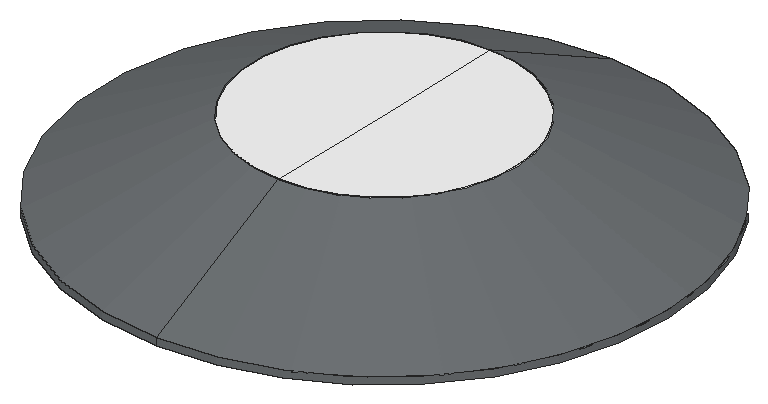
Revit family "Thorn CESAR BOW", category Lighting Fixtures, Revit 2023
Family settings
  Round Connector Dimension = Use Diameter
  Part Type = Normal
  Work Plane-Based = No
  Always vertical = No
  Cut with Voids When Loaded = Yes
  Light Source = Yes
  Maintain Annotation Orientation = No
  Shared = No
  Room Calculation Point = Yes
Parameters (values of type "CESAR BOW S 4L 927 NB RD ANT")
  Wattage = 8.19318 W
  built-in parameter 1150110 = 1 (stored number, unit not read)
  URL = "https://www.thornlighting.com/96800712"
  Type Image = TLG_CESA_F_BOW_S_ANT.jpg
  Type IFC Predefined Type = "DIRECTIONSOURCE"
  built-in parameter 1114217 = 1 (stored number, unit not read)
  Tilt Angle = 90.00°  # constant formula
  built-in parameter 1150109 = 1 (stored number, unit not read)
  built-in parameter 1150134 = (empty or 0)
  built-in parameter 1150113 = 1 (stored number, unit not read)
  Size Small = yes
  Size Medium = no
  SELECT LIGHT DISTRIBUTION = "SELECT LIGHT DISTRIBUTION"  # constant formula
  SELECT HOUSING = "SELECT HOUSING"  # constant formula
  SELECT ACCESSORIES = "SELECT ACCESSORIES"  # constant formula
  Product ID = ""
  Power Factor = 0.97
  Photometric Web File = "96800712_(STD).IES"
  Model = "96800712"
  Material Housing = Thorn-Aluminium-RAL 7016-Anthracite Grey
  Manufacturer = "Thorn Lighting"  # constant formula
  built-in parameter 1150105 = 57.375 (stored number, unit not read)
  Lumens = 721 lm
  Luminaire Width = Luminaire Radius  # 200 mm
  Luminaire Radius = if(Size Small, 200 mm, if(Size Medium, 260 mm, 200 mm))  # 200 mm
  Luminaire Length = Luminaire Radius  # 200 mm
  Luminaire Height = if(Size Small, 29 mm, if(Size Medium, 31 mm, 29 mm))  # 29 mm
  built-in parameter 1150115 = 1 (stored number, unit not read)
  Luminaire Diameter = Luminaire Radius / 2  # 100 mm
  built-in parameter 1150137 = (empty or 0)
  built-in parameter 1150139 = (empty or 0)
  built-in parameter 1150112 = 1 (stored number, unit not read)
  built-in parameter 1150114 = 1 (stored number, unit not read)
  Lamp = "LED"  # constant formula
  Inner Circle Radius = if(Size Small, 93 mm, if(Size Medium, 138 mm, 93 mm))  # 93 mm
  Inner Circle Diameter = Inner Circle Radius / 2  # 46.5 mm
  built-in parameter 1150132 = 2
  built-in parameter 1150102 = (empty or 0)
  built-in parameter 1150107 = 2700 (stored number, unit not read)
  built-in parameter 1150138 = (empty or 0)
  built-in parameter 1150106 = 0.57375 (stored number, unit not read)
  H = if(Ground Spike, 91 mm, 0 mm)  # 0 mm
  Ground Spike = no
  Export Type to IFC As = "IfcLightFixtureType"
  built-in parameter 1150104 = 8.1755 (stored number, unit not read)
  Dimming Lamp Color Temperature Shift = <None>
  Description = "Ground Surface Mounted Luminaire"  # constant formula
  Default Elevation = 0 mm  # constant formula
  Color Filter = 16777215
  Beam Wide = no
  Beam Narrow = yes
  Beam Medium = no
  Beam Assymetric = no
  built-in parameter 1114218 = 1 (stored number, unit not read)
  built-in parameter 1150133 = 10 (stored number, unit not read)
  Assembly Code = "Pr_70_70_48_62"
  Apparent Load = Wattage / Power Factor  # 8.45361 VA
Types (96, lengths in mm): name | Wattage | URL | Type Image | Size Small | Size Medium | Photometric Web File | Model | Material Housing | built-in parameter 1150105 | Lumens | Luminaire Width | Luminaire Radius | Luminaire Length | Luminaire Height | Luminaire Diameter | Inner Circle Radius | Inner Circle Diameter | built-in parameter 1150107 | built-in parameter 1150106 | built-in parameter 1150104 | Beam Wide | Beam Narrow | Beam Medium | Beam Assymetric | Apparent Load
  CESAR BOW S 4L 927 NB RD ANT | 8.19318 W | "https://www.thornlighting.com/96800712" | TLG_CESA_F_BOW_S_ANT.jpg | yes | no | "96800712_(STD).IES" | "96800712" | Thorn-Aluminium-RAL 7016-Anthracite Grey | 57.375 (stored number, unit not read) | 721 lm | 200 | 200 | 200 | 29 | 100 | 93 | 46.5 | 2700 (stored number, unit not read) | 0.57375 (stored number, unit not read) | 8.1755 (stored number, unit not read) | no | yes | no | no | 8.45361 VA
  CESAR BOW S 4L 927 NB RD BK | 8.19318 W | "https://www.thornlighting.com/96800710" | TLG_CESA_F_BOW_S_BK.jpg | yes | no | "96800710_(STD).IES" | "96800710" | Thorn-Aluminium-RAL 9005-Jet Black | 57.375 (stored number, unit not read) | 721 lm | 200 | 200 | 200 | 29 | 100 | 93 | 46.5 | 2700 (stored number, unit not read) | 0.57375 (stored number, unit not read) | 8.1755 (stored number, unit not read) | no | yes | no | no | 8.45361 VA
  CESAR BOW S 4L 927 NB RD GY | 8.19318 W | "https://www.thornlighting.com/96800711" | TLG_CESA_F_BOW_S_GY.jpg | yes | no | "96800711_(STD).IES" | "96800711" | Thorn-Aluminium-RAL 9006-White Aluminium | 57.375 (stored number, unit not read) | 721 lm | 200 | 200 | 200 | 29 | 100 | 93 | 46.5 | 2700 (stored number, unit not read) | 0.57375 (stored number, unit not read) | 8.1755 (stored number, unit not read) | no | yes | no | no | 8.45361 VA
  CESAR BOW S 4L 927 NB RD WH | 8.19318 W | "https://www.thornlighting.com/96800709" | TLG_CESA_F_BOW_S_WH.jpg | yes | no | "96800709_(STD).IES" | "96800709" | Thorn-Aluminium-RAL 9016-Traffic White | 57.375 (stored number, unit not read) | 721 lm | 200 | 200 | 200 | 29 | 100 | 93 | 46.5 | 2700 (stored number, unit not read) | 0.57375 (stored number, unit not read) | 8.1755 (stored number, unit not read) | no | yes | no | no | 8.45361 VA
  CESAR BOW S 4L 930 NB RD ANT | 8.19792 W | "https://www.thornlighting.com/96800720" | TLG_CESA_F_BOW_S_ANT.jpg | yes | no | "96800720_(STD).IES" | "96800720" | Thorn-Aluminium-RAL 7016-Anthracite Grey | 62.627 (stored number, unit not read) | 787 lm | 200 | 200 | 200 | 29 | 100 | 93 | 46.5 | 3000 (stored number, unit not read) | 0.62627 (stored number, unit not read) | 8.9187 (stored number, unit not read) | no | yes | no | no | 8.45361 VA
  CESAR BOW S 4L 930 NB RD BK | 8.19792 W | "https://www.thornlighting.com/96800718" | TLG_CESA_F_BOW_S_BK.jpg | yes | no | "96800718_(STD).IES" | "96800718" | Thorn-Aluminium-RAL 9005-Jet Black | 62.627 (stored number, unit not read) | 787 lm | 200 | 200 | 200 | 29 | 100 | 93 | 46.5 | 3000 (stored number, unit not read) | 0.62627 (stored number, unit not read) | 8.9187 (stored number, unit not read) | no | yes | no | no | 8.45361 VA
  CESAR BOW S 4L 930 NB RD GY | 8.19792 W | "https://www.thornlighting.com/96800719" | TLG_CESA_F_BOW_S_GY.jpg | yes | no | "96800719_(STD).IES" | "96800719" | Thorn-Aluminium-RAL 9006-White Aluminium | 62.627 (stored number, unit not read) | 787 lm | 200 | 200 | 200 | 29 | 100 | 93 | 46.5 | 3000 (stored number, unit not read) | 0.62627 (stored number, unit not read) | 8.9187 (stored number, unit not read) | no | yes | no | no | 8.45361 VA
  CESAR BOW S 4L 930 NB RD WH | 8.19792 W | "https://www.thornlighting.com/96800717" | TLG_CESA_F_BOW_S_WH.jpg | yes | no | "96800717_(STD).IES" | "96800717" | Thorn-Aluminium-RAL 9016-Traffic White | 62.627 (stored number, unit not read) | 787 lm | 200 | 200 | 200 | 29 | 100 | 93 | 46.5 | 3000 (stored number, unit not read) | 0.62627 (stored number, unit not read) | 8.9187 (stored number, unit not read) | no | yes | no | no | 8.45361 VA
  CESAR BOW S 4L 940 NB RD ANT | 8.19231 W | "https://www.thornlighting.com/96800716" | TLG_CESA_F_BOW_S_ANT.jpg | yes | no | "96800716_(STD).IES" | "96800716" | Thorn-Aluminium-RAL 7016-Anthracite Grey | 67.8 (stored number, unit not read) | 852 lm | 200 | 200 | 200 | 29 | 100 | 93 | 46.5 | 4000 (stored number, unit not read) | 0.678 (stored number, unit not read) | 9.6619 (stored number, unit not read) | no | yes | no | no | 8.45361 VA
  CESAR BOW S 4L 940 NB RD BK | 8.19231 W | "https://www.thornlighting.com/96800714" | TLG_CESA_F_BOW_S_BK.jpg | yes | no | "96800714_(STD).IES" | "96800714" | Thorn-Aluminium-RAL 9005-Jet Black | 67.8 (stored number, unit not read) | 852 lm | 200 | 200 | 200 | 29 | 100 | 93 | 46.5 | 4000 (stored number, unit not read) | 0.678 (stored number, unit not read) | 9.6619 (stored number, unit not read) | no | yes | no | no | 8.45361 VA
  CESAR BOW S 4L 940 NB RD GY | 8.19231 W | "https://www.thornlighting.com/96800715" | TLG_CESA_F_BOW_S_GY.jpg | yes | no | "96800715_(STD).IES" | "96800715" | Thorn-Aluminium-RAL 9006-White Aluminium | 67.8 (stored number, unit not read) | 852 lm | 200 | 200 | 200 | 29 | 100 | 93 | 46.5 | 4000 (stored number, unit not read) | 0.678 (stored number, unit not read) | 9.6619 (stored number, unit not read) | no | yes | no | no | 8.45361 VA
  CESAR BOW S 4L 940 NB RD WH | 8.19231 W | "https://www.thornlighting.com/96800713" | TLG_CESA_F_BOW_S_WH.jpg | yes | no | "96800713_(STD).IES" | "96800713" | Thorn-Aluminium-RAL 9016-Traffic White | 67.8 (stored number, unit not read) | 852 lm | 200 | 200 | 200 | 29 | 100 | 93 | 46.5 | 4000 (stored number, unit not read) | 0.678 (stored number, unit not read) | 9.6619 (stored number, unit not read) | no | yes | no | no | 8.45361 VA
  CESAR BOW S 4L 927 MB RD ANT | 8.15294 W | "https://www.thornlighting.com/96800724" | TLG_CESA_F_BOW_S_ANT.jpg | yes | no | "96800724_(STD).IES" | "96800724" | Thorn-Aluminium-RAL 7016-Anthracite Grey | 55.147 (stored number, unit not read) | 693 lm | 200 | 200 | 200 | 29 | 100 | 93 | 46.5 | 2700 (stored number, unit not read) | 0.55147 (stored number, unit not read) | 7.8968 (stored number, unit not read) | no | no | yes | no | 8.45361 VA
  CESAR BOW S 4L 927 MB RD BK | 8.15294 W | "https://www.thornlighting.com/96800722" | TLG_CESA_F_BOW_S_BK.jpg | yes | no | "96800722_(STD).IES" | "96800722" | Thorn-Aluminium-RAL 9005-Jet Black | 55.147 (stored number, unit not read) | 693 lm | 200 | 200 | 200 | 29 | 100 | 93 | 46.5 | 2700 (stored number, unit not read) | 0.55147 (stored number, unit not read) | 7.8968 (stored number, unit not read) | no | no | yes | no | 8.45361 VA
  CESAR BOW S 4L 927 MB RD GY | 8.15294 W | "https://www.thornlighting.com/96800723" | TLG_CESA_F_BOW_S_GY.jpg | yes | no | "96800723_(STD).IES" | "96800723" | Thorn-Aluminium-RAL 9006-White Aluminium | 55.147 (stored number, unit not read) | 693 lm | 200 | 200 | 200 | 29 | 100 | 93 | 46.5 | 2700 (stored number, unit not read) | 0.55147 (stored number, unit not read) | 7.8968 (stored number, unit not read) | no | no | yes | no | 8.45361 VA
  CESAR BOW S 4L 927 MB RD WH | 8.15294 W | "https://www.thornlighting.com/96800721" | TLG_CESA_F_BOW_S_WH.jpg | yes | no | "96800721_(STD).IES" | "96800721" | Thorn-Aluminium-RAL 9016-Traffic White | 55.147 (stored number, unit not read) | 693 lm | 200 | 200 | 200 | 29 | 100 | 93 | 46.5 | 2700 (stored number, unit not read) | 0.55147 (stored number, unit not read) | 7.8968 (stored number, unit not read) | no | no | yes | no | 8.45361 VA
  CESAR BOW S 4L 930 MB RD ANT | 8.21739 W | "https://www.thornlighting.com/96800732" | TLG_CESA_F_BOW_S_ANT.jpg | yes | no | "96800732_(STD).IES" | "96800732" | Thorn-Aluminium-RAL 7016-Anthracite Grey | 60.161 (stored number, unit not read) | 756 lm | 200 | 200 | 200 | 29 | 100 | 93 | 46.5 | 3000 (stored number, unit not read) | 0.60161 (stored number, unit not read) | 8.5471 (stored number, unit not read) | no | no | yes | no | 8.45361 VA
  CESAR BOW S 4L 930 MB RD BK | 8.21739 W | "https://www.thornlighting.com/96800730" | TLG_CESA_F_BOW_S_BK.jpg | yes | no | "96800730_(STD).IES" | "96800730" | Thorn-Aluminium-RAL 9005-Jet Black | 60.161 (stored number, unit not read) | 756 lm | 200 | 200 | 200 | 29 | 100 | 93 | 46.5 | 3000 (stored number, unit not read) | 0.60161 (stored number, unit not read) | 8.5471 (stored number, unit not read) | no | no | yes | no | 8.45361 VA
  CESAR BOW S 4L 930 MB RD GY | 8.21739 W | "https://www.thornlighting.com/96800731" | TLG_CESA_F_BOW_S_GY.jpg | yes | no | "96800731_(STD).IES" | "96800731" | Thorn-Aluminium-RAL 9006-White Aluminium | 60.161 (stored number, unit not read) | 756 lm | 200 | 200 | 200 | 29 | 100 | 93 | 46.5 | 3000 (stored number, unit not read) | 0.60161 (stored number, unit not read) | 8.5471 (stored number, unit not read) | no | no | yes | no | 8.45361 VA
  CESAR BOW S 4L 930 MB RD WH | 8.21739 W | "https://www.thornlighting.com/96800729" | TLG_CESA_F_BOW_S_WH.jpg | yes | no | "96800729_(STD).IES" | "96800729" | Thorn-Aluminium-RAL 9016-Traffic White | 60.161 (stored number, unit not read) | 756 lm | 200 | 200 | 200 | 29 | 100 | 93 | 46.5 | 3000 (stored number, unit not read) | 0.60161 (stored number, unit not read) | 8.5471 (stored number, unit not read) | no | no | yes | no | 8.45361 VA
  CESAR BOW S 4L 940 MB RD ANT | 8.19 W | "https://www.thornlighting.com/96800728" | TLG_CESA_F_BOW_S_ANT.jpg | yes | no | "96800728_(STD).IES" | "96800728" | Thorn-Aluminium-RAL 7016-Anthracite Grey | 65.174 (stored number, unit not read) | 819 lm | 200 | 200 | 200 | 29 | 100 | 93 | 46.5 | 4000 (stored number, unit not read) | 0.65174 (stored number, unit not read) | 9.2903 (stored number, unit not read) | no | no | yes | no | 8.45361 VA
  CESAR BOW S 4L 940 MB RD BK | 8.19 W | "https://www.thornlighting.com/96800726" | TLG_CESA_F_BOW_S_BK.jpg | yes | no | "96800726_(STD).IES" | "96800726" | Thorn-Aluminium-RAL 9005-Jet Black | 65.174 (stored number, unit not read) | 819 lm | 200 | 200 | 200 | 29 | 100 | 93 | 46.5 | 4000 (stored number, unit not read) | 0.65174 (stored number, unit not read) | 9.2903 (stored number, unit not read) | no | no | yes | no | 8.45361 VA
  CESAR BOW S 4L 940 MB RD GY | 8.19 W | "https://www.thornlighting.com/96800727" | TLG_CESA_F_BOW_S_GY.jpg | yes | no | "96800727_(STD).IES" | "96800727" | Thorn-Aluminium-RAL 9006-White Aluminium | 65.174 (stored number, unit not read) | 819 lm | 200 | 200 | 200 | 29 | 100 | 93 | 46.5 | 4000 (stored number, unit not read) | 0.65174 (stored number, unit not read) | 9.2903 (stored number, unit not read) | no | no | yes | no | 8.45361 VA
  CESAR BOW S 4L 940 MB RD WH | 8.19 W | "https://www.thornlighting.com/96800725" | TLG_CESA_F_BOW_S_WH.jpg | yes | no | "96800725_(STD).IES" | "96800725" | Thorn-Aluminium-RAL 9016-Traffic White | 65.174 (stored number, unit not read) | 819 lm | 200 | 200 | 200 | 29 | 100 | 93 | 46.5 | 4000 (stored number, unit not read) | 0.65174 (stored number, unit not read) | 9.2903 (stored number, unit not read) | no | no | yes | no | 8.45361 VA
  CESAR BOW S 4L 927 WB RD ANT | 8.14815 W | "https://www.thornlighting.com/96800736" | TLG_CESA_F_BOW_S_ANT.jpg | yes | no | "96800736_(STD).IES" | "96800736" | Thorn-Aluminium-RAL 7016-Anthracite Grey | 52.521 (stored number, unit not read) | 660 lm | 200 | 200 | 200 | 29 | 100 | 93 | 46.5 | 2700 (stored number, unit not read) | 0.52521 (stored number, unit not read) | 7.5251 (stored number, unit not read) | yes | no | no | no | 8.45361 VA
  CESAR BOW S 4L 927 WB RD BK | 8.14815 W | "https://www.thornlighting.com/96800734" | TLG_CESA_F_BOW_S_BK.jpg | yes | no | "96800734_(STD).IES" | "96800734" | Thorn-Aluminium-RAL 9005-Jet Black | 52.521 (stored number, unit not read) | 660 lm | 200 | 200 | 200 | 29 | 100 | 93 | 46.5 | 2700 (stored number, unit not read) | 0.52521 (stored number, unit not read) | 7.5251 (stored number, unit not read) | yes | no | no | no | 8.45361 VA
  CESAR BOW S 4L 927 WB RD GY | 8.14815 W | "https://www.thornlighting.com/96800735" | TLG_CESA_F_BOW_S_GY.jpg | yes | no | "96800735_(STD).IES" | "96800735" | Thorn-Aluminium-RAL 9006-White Aluminium | 52.521 (stored number, unit not read) | 660 lm | 200 | 200 | 200 | 29 | 100 | 93 | 46.5 | 2700 (stored number, unit not read) | 0.52521 (stored number, unit not read) | 7.5251 (stored number, unit not read) | yes | no | no | no | 8.45361 VA
  CESAR BOW S 4L 927 WB RD WH | 8.14815 W | "https://www.thornlighting.com/96800733" | TLG_CESA_F_BOW_S_WH.jpg | yes | no | "96800733_(STD).IES" | "96800733" | Thorn-Aluminium-RAL 9016-Traffic White | 52.521 (stored number, unit not read) | 660 lm | 200 | 200 | 200 | 29 | 100 | 93 | 46.5 | 2700 (stored number, unit not read) | 0.52521 (stored number, unit not read) | 7.5251 (stored number, unit not read) | yes | no | no | no | 8.45361 VA
  CESAR BOW S 4L 930 WB RD ANT | 8.18182 W | "https://www.thornlighting.com/96800744" | TLG_CESA_F_BOW_S_ANT.jpg | yes | no | "96800744_(STD).IES" | "96800744" | Thorn-Aluminium-RAL 7016-Anthracite Grey | 57.296 (stored number, unit not read) | 720 lm | 200 | 200 | 200 | 29 | 100 | 93 | 46.5 | 3000 (stored number, unit not read) | 0.57296 (stored number, unit not read) | 8.1755 (stored number, unit not read) | yes | no | no | no | 8.45361 VA
  CESAR BOW S 4L 930 WB RD BK | 8.18182 W | "https://www.thornlighting.com/96800742" | TLG_CESA_F_BOW_S_BK.jpg | yes | no | "96800742_(STD).IES" | "96800742" | Thorn-Aluminium-RAL 9005-Jet Black | 57.296 (stored number, unit not read) | 720 lm | 200 | 200 | 200 | 29 | 100 | 93 | 46.5 | 3000 (stored number, unit not read) | 0.57296 (stored number, unit not read) | 8.1755 (stored number, unit not read) | yes | no | no | no | 8.45361 VA
  CESAR BOW S 4L 930 WB RD GY | 8.18182 W | "https://www.thornlighting.com/96800743" | TLG_CESA_F_BOW_S_GY.jpg | yes | no | "96800743_(STD).IES" | "96800743" | Thorn-Aluminium-RAL 9006-White Aluminium | 57.296 (stored number, unit not read) | 720 lm | 200 | 200 | 200 | 29 | 100 | 93 | 46.5 | 3000 (stored number, unit not read) | 0.57296 (stored number, unit not read) | 8.1755 (stored number, unit not read) | yes | no | no | no | 8.45361 VA
  CESAR BOW S 4L 930 WB RD WH | 8.18182 W | "https://www.thornlighting.com/96800741" | TLG_CESA_F_BOW_S_WH.jpg | yes | no | "96800741_(STD).IES" | "96800741" | Thorn-Aluminium-RAL 9016-Traffic White | 57.296 (stored number, unit not read) | 720 lm | 200 | 200 | 200 | 29 | 100 | 93 | 46.5 | 3000 (stored number, unit not read) | 0.57296 (stored number, unit not read) | 8.1755 (stored number, unit not read) | yes | no | no | no | 8.45361 VA
  CESAR BOW S 4L 940 WB RD ANT | 8.21053 W | "https://www.thornlighting.com/96800740" | TLG_CESA_F_BOW_S_ANT.jpg | yes | no | "96800740_(STD).IES" | "96800740" | Thorn-Aluminium-RAL 7016-Anthracite Grey | 62.07 (stored number, unit not read) | 780 lm | 200 | 200 | 200 | 29 | 100 | 93 | 46.5 | 4000 (stored number, unit not read) | 0.6207 (stored number, unit not read) | 8.8258 (stored number, unit not read) | yes | no | no | no | 8.45361 VA
  CESAR BOW S 4L 940 WB RD BK | 8.21053 W | "https://www.thornlighting.com/96800738" | TLG_CESA_F_BOW_S_BK.jpg | yes | no | "96800738_(STD).IES" | "96800738" | Thorn-Aluminium-RAL 9005-Jet Black | 62.07 (stored number, unit not read) | 780 lm | 200 | 200 | 200 | 29 | 100 | 93 | 46.5 | 4000 (stored number, unit not read) | 0.6207 (stored number, unit not read) | 8.8258 (stored number, unit not read) | yes | no | no | no | 8.45361 VA
  CESAR BOW S 4L 940 WB RD GY | 8.21053 W | "https://www.thornlighting.com/96800739" | TLG_CESA_F_BOW_S_GY.jpg | yes | no | "96800739_(STD).IES" | "96800739" | Thorn-Aluminium-RAL 9006-White Aluminium | 62.07 (stored number, unit not read) | 780 lm | 200 | 200 | 200 | 29 | 100 | 93 | 46.5 | 4000 (stored number, unit not read) | 0.6207 (stored number, unit not read) | 8.8258 (stored number, unit not read) | yes | no | no | no | 8.45361 VA
  CESAR BOW S 4L 940 WB RD WH | 8.21053 W | "https://www.thornlighting.com/96800737" | TLG_CESA_F_BOW_S_WH.jpg | yes | no | "96800737_(STD).IES" | "96800737" | Thorn-Aluminium-RAL 9016-Traffic White | 62.07 (stored number, unit not read) | 780 lm | 200 | 200 | 200 | 29 | 100 | 93 | 46.5 | 4000 (stored number, unit not read) | 0.6207 (stored number, unit not read) | 8.8258 (stored number, unit not read) | yes | no | no | no | 8.45361 VA
  CESAR BOW S 4L 927 AS RD ANT | 8.225 W | "https://www.thornlighting.com/96800748" | TLG_CESA_F_BOW_S_ANT.jpg | yes | no | "96800748_(STD).IES" | "96800748" | Thorn-Aluminium-RAL 7016-Anthracite Grey | 52.362 (stored number, unit not read) | 658 lm | 200 | 200 | 200 | 29 | 100 | 93 | 46.5 | 2700 (stored number, unit not read) | 0.52362 (stored number, unit not read) | 7.4322 (stored number, unit not read) | no | no | no | yes | 8.45361 VA
  CESAR BOW S 4L 927 AS RD BK | 8.225 W | "https://www.thornlighting.com/96800746" | TLG_CESA_F_BOW_S_BK.jpg | yes | no | "96800746_(STD).IES" | "96800746" | Thorn-Aluminium-RAL 9005-Jet Black | 52.362 (stored number, unit not read) | 658 lm | 200 | 200 | 200 | 29 | 100 | 93 | 46.5 | 2700 (stored number, unit not read) | 0.52362 (stored number, unit not read) | 7.4322 (stored number, unit not read) | no | no | no | yes | 8.45361 VA
  CESAR BOW S 4L 927 AS RD GY | 8.225 W | "https://www.thornlighting.com/96800747" | TLG_CESA_F_BOW_S_GY.jpg | yes | no | "96800747_(STD).IES" | "96800747" | Thorn-Aluminium-RAL 9006-White Aluminium | 52.362 (stored number, unit not read) | 658 lm | 200 | 200 | 200 | 29 | 100 | 93 | 46.5 | 2700 (stored number, unit not read) | 0.52362 (stored number, unit not read) | 7.4322 (stored number, unit not read) | no | no | no | yes | 8.45361 VA
  CESAR BOW S 4L 927 AS RD WH | 8.225 W | "https://www.thornlighting.com/96800745" | TLG_CESA_F_BOW_S_WH.jpg | yes | no | "96800745_(STD).IES" | "96800745" | Thorn-Aluminium-RAL 9016-Traffic White | 52.362 (stored number, unit not read) | 658 lm | 200 | 200 | 200 | 29 | 100 | 93 | 46.5 | 2700 (stored number, unit not read) | 0.52362 (stored number, unit not read) | 7.4322 (stored number, unit not read) | no | no | no | yes | 8.45361 VA
  CESAR BOW S 4L 930 AS RD ANT | 8.15909 W | "https://www.thornlighting.com/96800756" | TLG_CESA_F_BOW_S_ANT.jpg | yes | no | "96800756_(STD).IES" | "96800756" | Thorn-Aluminium-RAL 7016-Anthracite Grey | 57.137 (stored number, unit not read) | 718 lm | 200 | 200 | 200 | 29 | 100 | 93 | 46.5 | 3000 (stored number, unit not read) | 0.57137 (stored number, unit not read) | 8.1755 (stored number, unit not read) | no | no | no | yes | 8.45361 VA
  CESAR BOW S 4L 930 AS RD BK | 8.15909 W | "https://www.thornlighting.com/96800754" | TLG_CESA_F_BOW_S_BK.jpg | yes | no | "96800754_(STD).IES" | "96800754" | Thorn-Aluminium-RAL 9005-Jet Black | 57.137 (stored number, unit not read) | 718 lm | 200 | 200 | 200 | 29 | 100 | 93 | 46.5 | 3000 (stored number, unit not read) | 0.57137 (stored number, unit not read) | 8.1755 (stored number, unit not read) | no | no | no | yes | 8.45361 VA
  CESAR BOW S 4L 930 AS RD GY | 8.15909 W | "https://www.thornlighting.com/96800755" | TLG_CESA_F_BOW_S_GY.jpg | yes | no | "96800755_(STD).IES" | "96800755" | Thorn-Aluminium-RAL 9006-White Aluminium | 57.137 (stored number, unit not read) | 718 lm | 200 | 200 | 200 | 29 | 100 | 93 | 46.5 | 3000 (stored number, unit not read) | 0.57137 (stored number, unit not read) | 8.1755 (stored number, unit not read) | no | no | no | yes | 8.45361 VA
  CESAR BOW S 4L 930 AS RD WH | 8.15909 W | "https://www.thornlighting.com/96800753" | TLG_CESA_F_BOW_S_WH.jpg | yes | no | "96800753_(STD).IES" | "96800753" | Thorn-Aluminium-RAL 9016-Traffic White | 57.137 (stored number, unit not read) | 718 lm | 200 | 200 | 200 | 29 | 100 | 93 | 46.5 | 3000 (stored number, unit not read) | 0.57137 (stored number, unit not read) | 8.1755 (stored number, unit not read) | no | no | no | yes | 8.45361 VA
  CESAR BOW S 4L 940 AS RD ANT | 8.18947 W | "https://www.thornlighting.com/96800752" | TLG_CESA_F_BOW_S_ANT.jpg | yes | no | "96800752_(STD).IES" | "96800752" | Thorn-Aluminium-RAL 7016-Anthracite Grey | 61.911 (stored number, unit not read) | 778 lm | 200 | 200 | 200 | 29 | 100 | 93 | 46.5 | 4000 (stored number, unit not read) | 0.61911 (stored number, unit not read) | 8.8258 (stored number, unit not read) | no | no | no | yes | 8.45361 VA
  CESAR BOW S 4L 940 AS RD BK | 8.18947 W | "https://www.thornlighting.com/96800750" | TLG_CESA_F_BOW_S_BK.jpg | yes | no | "96800750_(STD).IES" | "96800750" | Thorn-Aluminium-RAL 9005-Jet Black | 61.911 (stored number, unit not read) | 778 lm | 200 | 200 | 200 | 29 | 100 | 93 | 46.5 | 4000 (stored number, unit not read) | 0.61911 (stored number, unit not read) | 8.8258 (stored number, unit not read) | no | no | no | yes | 8.45361 VA
  CESAR BOW S 4L 940 AS RD GY | 8.18947 W | "https://www.thornlighting.com/96800751" | TLG_CESA_F_BOW_S_GY.jpg | yes | no | "96800751_(STD).IES" | "96800751" | Thorn-Aluminium-RAL 9006-White Aluminium | 61.911 (stored number, unit not read) | 778 lm | 200 | 200 | 200 | 29 | 100 | 93 | 46.5 | 4000 (stored number, unit not read) | 0.61911 (stored number, unit not read) | 8.8258 (stored number, unit not read) | no | no | no | yes | 8.45361 VA
  CESAR BOW S 4L 940 AS RD WH | 8.18947 W | "https://www.thornlighting.com/96800749" | TLG_CESA_F_BOW_S_WH.jpg | yes | no | "96800749_(STD).IES" | "96800749" | Thorn-Aluminium-RAL 9016-Traffic White | 61.911 (stored number, unit not read) | 778 lm | 200 | 200 | 200 | 29 | 100 | 93 | 46.5 | 4000 (stored number, unit not read) | 0.61911 (stored number, unit not read) | 8.8258 (stored number, unit not read) | no | no | no | yes | 8.45361 VA
  CESAR BOW M 9L 927 NB RD ANT | 18.3103 W | "https://www.thornlighting.com/96800760" | TLG_CESA_F_BOW_M_9L_ANT.jpg | no | yes | "96800760_(STD).IES" | "96800760" | Thorn-Aluminium-RAL 7016-Anthracite Grey | 126.77 (stored number, unit not read) | 1593 lm | 260 | 260 | 260 | 31 | 130 | 138 | 69 | 2700 (stored number, unit not read) | 1.2677 (stored number, unit not read) | 8.0826 (stored number, unit not read) | no | yes | no | no | 18.866 VA
  CESAR BOW M 9L 927 NB RD BK | 18.3103 W | "https://www.thornlighting.com/96800758" | TLG_CESA_F_BOW_M_9L_BK.jpg | no | yes | "96800758_(STD).IES" | "96800758" | Thorn-Aluminium-RAL 9005-Jet Black | 126.77 (stored number, unit not read) | 1593 lm | 260 | 260 | 260 | 31 | 130 | 138 | 69 | 2700 (stored number, unit not read) | 1.2677 (stored number, unit not read) | 8.0826 (stored number, unit not read) | no | yes | no | no | 18.866 VA
  CESAR BOW M 9L 927 NB RD GY | 18.3103 W | "https://www.thornlighting.com/96800759" | TLG_CESA_F_BOW_M_9L_GY.jpg | no | yes | "96800759_(STD).IES" | "96800759" | Thorn-Aluminium-RAL 9006-White Aluminium | 126.77 (stored number, unit not read) | 1593 lm | 260 | 260 | 260 | 31 | 130 | 138 | 69 | 2700 (stored number, unit not read) | 1.2677 (stored number, unit not read) | 8.0826 (stored number, unit not read) | no | yes | no | no | 18.866 VA
  CESAR BOW M 9L 927 NB RD WH | 18.3103 W | "https://www.thornlighting.com/96800757" | TLG_CESA_F_BOW_M_9L_WH.jpg | no | yes | "96800757_(STD).IES" | "96800757" | Thorn-Aluminium-RAL 9016-Traffic White | 126.77 (stored number, unit not read) | 1593 lm | 260 | 260 | 260 | 31 | 130 | 138 | 69 | 2700 (stored number, unit not read) | 1.2677 (stored number, unit not read) | 8.0826 (stored number, unit not read) | no | yes | no | no | 18.866 VA
  CESAR BOW M 9L 930 NB RD ANT | 18.2632 W | "https://www.thornlighting.com/96800768" | TLG_CESA_F_BOW_M_9L_ANT.jpg | no | yes | "96800768_(STD).IES" | "96800768" | Thorn-Aluminium-RAL 7016-Anthracite Grey | 138.07 (stored number, unit not read) | 1735 lm | 260 | 260 | 260 | 31 | 130 | 138 | 69 | 3000 (stored number, unit not read) | 1.3807 (stored number, unit not read) | 8.8258 (stored number, unit not read) | no | yes | no | no | 18.866 VA
  CESAR BOW M 9L 930 NB RD BK | 18.2632 W | "https://www.thornlighting.com/96800766" | TLG_CESA_F_BOW_M_9L_BK.jpg | no | yes | "96800766_(STD).IES" | "96800766" | Thorn-Aluminium-RAL 9005-Jet Black | 138.07 (stored number, unit not read) | 1735 lm | 260 | 260 | 260 | 31 | 130 | 138 | 69 | 3000 (stored number, unit not read) | 1.3807 (stored number, unit not read) | 8.8258 (stored number, unit not read) | no | yes | no | no | 18.866 VA
  CESAR BOW M 9L 930 NB RD GY | 18.2632 W | "https://www.thornlighting.com/96800767" | TLG_CESA_F_BOW_M_9L_GY.jpg | no | yes | "96800767_(STD).IES" | "96800767" | Thorn-Aluminium-RAL 9006-White Aluminium | 138.07 (stored number, unit not read) | 1735 lm | 260 | 260 | 260 | 31 | 130 | 138 | 69 | 3000 (stored number, unit not read) | 1.3807 (stored number, unit not read) | 8.8258 (stored number, unit not read) | no | yes | no | no | 18.866 VA
  CESAR BOW M 9L 930 NB RD WH | 18.2632 W | "https://www.thornlighting.com/96800765" | TLG_CESA_F_BOW_M_9L_WH.jpg | no | yes | "96800765_(STD).IES" | "96800765" | Thorn-Aluminium-RAL 9016-Traffic White | 138.07 (stored number, unit not read) | 1735 lm | 260 | 260 | 260 | 31 | 130 | 138 | 69 | 3000 (stored number, unit not read) | 1.3807 (stored number, unit not read) | 8.8258 (stored number, unit not read) | no | yes | no | no | 18.866 VA
  CESAR BOW M 9L 940 NB RD ANT | 18.2718 W | "https://www.thornlighting.com/96800764" | TLG_CESA_F_BOW_M_9L_ANT.jpg | no | yes | "96800764_(STD).IES" | "96800764" | Thorn-Aluminium-RAL 7016-Anthracite Grey | 149.76 (stored number, unit not read) | 1882 lm | 260 | 260 | 260 | 31 | 130 | 138 | 69 | 4000 (stored number, unit not read) | 1.4976 (stored number, unit not read) | 9.569 (stored number, unit not read) | no | yes | no | no | 18.866 VA
  CESAR BOW M 9L 940 NB RD BK | 18.2718 W | "https://www.thornlighting.com/96800762" | TLG_CESA_F_BOW_M_9L_BK.jpg | no | yes | "96800762_(STD).IES" | "96800762" | Thorn-Aluminium-RAL 9005-Jet Black | 149.76 (stored number, unit not read) | 1882 lm | 260 | 260 | 260 | 31 | 130 | 138 | 69 | 4000 (stored number, unit not read) | 1.4976 (stored number, unit not read) | 9.569 (stored number, unit not read) | no | yes | no | no | 18.866 VA
  CESAR BOW M 9L 940 NB RD GY | 18.2718 W | "https://www.thornlighting.com/96800763" | TLG_CESA_F_BOW_M_9L_GY.jpg | no | yes | "96800763_(STD).IES" | "96800763" | Thorn-Aluminium-RAL 9006-White Aluminium | 149.76 (stored number, unit not read) | 1882 lm | 260 | 260 | 260 | 31 | 130 | 138 | 69 | 4000 (stored number, unit not read) | 1.4976 (stored number, unit not read) | 9.569 (stored number, unit not read) | no | yes | no | no | 18.866 VA
  CESAR BOW M 9L 940 NB RD WH | 18.2718 W | "https://www.thornlighting.com/96800761" | TLG_CESA_F_BOW_M_9L_WH.jpg | no | yes | "96800761_(STD).IES" | "96800761" | Thorn-Aluminium-RAL 9016-Traffic White | 149.76 (stored number, unit not read) | 1882 lm | 260 | 260 | 260 | 31 | 130 | 138 | 69 | 4000 (stored number, unit not read) | 1.4976 (stored number, unit not read) | 9.569 (stored number, unit not read) | no | yes | no | no | 18.866 VA
  CESAR BOW M 9L 927 MB RD ANT | 18.25 W | "https://www.thornlighting.com/96800772" | TLG_CESA_F_BOW_M_9L_ANT.jpg | no | yes | "96800772_(STD).IES" | "96800772" | Thorn-Aluminium-RAL 7016-Anthracite Grey | 121.99 (stored number, unit not read) | 1533 lm | 260 | 260 | 260 | 31 | 130 | 138 | 69 | 2700 (stored number, unit not read) | 1.2199 (stored number, unit not read) | 7.8039 (stored number, unit not read) | no | no | yes | no | 18.866 VA
  CESAR BOW M 9L 927 MB RD BK | 18.25 W | "https://www.thornlighting.com/96800770" | TLG_CESA_F_BOW_M_9L_BK.jpg | no | yes | "96800770_(STD).IES" | "96800770" | Thorn-Aluminium-RAL 9005-Jet Black | 121.99 (stored number, unit not read) | 1533 lm | 260 | 260 | 260 | 31 | 130 | 138 | 69 | 2700 (stored number, unit not read) | 1.2199 (stored number, unit not read) | 7.8039 (stored number, unit not read) | no | no | yes | no | 18.866 VA
  CESAR BOW M 9L 927 MB RD GY | 18.25 W | "https://www.thornlighting.com/96800771" | TLG_CESA_F_BOW_M_9L_GY.jpg | no | yes | "96800771_(STD).IES" | "96800771" | Thorn-Aluminium-RAL 9006-White Aluminium | 121.99 (stored number, unit not read) | 1533 lm | 260 | 260 | 260 | 31 | 130 | 138 | 69 | 2700 (stored number, unit not read) | 1.2199 (stored number, unit not read) | 7.8039 (stored number, unit not read) | no | no | yes | no | 18.866 VA
  CESAR BOW M 9L 927 MB RD WH | 18.25 W | "https://www.thornlighting.com/96800769" | TLG_CESA_F_BOW_M_9L_WH.jpg | no | yes | "96800769_(STD).IES" | "96800769" | Thorn-Aluminium-RAL 9016-Traffic White | 121.99 (stored number, unit not read) | 1533 lm | 260 | 260 | 260 | 31 | 130 | 138 | 69 | 2700 (stored number, unit not read) | 1.2199 (stored number, unit not read) | 7.8039 (stored number, unit not read) | no | no | yes | no | 18.866 VA
  CESAR BOW M 9L 930 MB RD ANT | 18.3846 W | "https://www.thornlighting.com/96800780" | TLG_CESA_F_BOW_M_9L_ANT.jpg | no | yes | "96800780_(STD).IES" | "96800780" | Thorn-Aluminium-RAL 7016-Anthracite Grey | 133.13 (stored number, unit not read) | 1673 lm | 260 | 260 | 260 | 31 | 130 | 138 | 69 | 3000 (stored number, unit not read) | 1.3313 (stored number, unit not read) | 8.4542 (stored number, unit not read) | no | no | yes | no | 18.866 VA
  CESAR BOW M 9L 930 MB RD BK | 18.3846 W | "https://www.thornlighting.com/96800778" | TLG_CESA_F_BOW_M_9L_BK.jpg | no | yes | "96800778_(STD).IES" | "96800778" | Thorn-Aluminium-RAL 9005-Jet Black | 133.13 (stored number, unit not read) | 1673 lm | 260 | 260 | 260 | 31 | 130 | 138 | 69 | 3000 (stored number, unit not read) | 1.3313 (stored number, unit not read) | 8.4542 (stored number, unit not read) | no | no | yes | no | 18.866 VA
  CESAR BOW M 9L 930 MB RD GY | 18.3846 W | "https://www.thornlighting.com/96800779" | TLG_CESA_F_BOW_M_9L_GY.jpg | no | yes | "96800779_(STD).IES" | "96800779" | Thorn-Aluminium-RAL 9006-White Aluminium | 133.13 (stored number, unit not read) | 1673 lm | 260 | 260 | 260 | 31 | 130 | 138 | 69 | 3000 (stored number, unit not read) | 1.3313 (stored number, unit not read) | 8.4542 (stored number, unit not read) | no | no | yes | no | 18.866 VA
  CESAR BOW M 9L 930 MB RD WH | 18.3846 W | "https://www.thornlighting.com/96800777" | TLG_CESA_F_BOW_M_9L_WH.jpg | no | yes | "96800777_(STD).IES" | "96800777" | Thorn-Aluminium-RAL 9016-Traffic White | 133.13 (stored number, unit not read) | 1673 lm | 260 | 260 | 260 | 31 | 130 | 138 | 69 | 3000 (stored number, unit not read) | 1.3313 (stored number, unit not read) | 8.4542 (stored number, unit not read) | no | no | yes | no | 18.866 VA
  CESAR BOW M 9L 940 MB RD ANT | 18.303 W | "https://www.thornlighting.com/96800776" | TLG_CESA_F_BOW_M_9L_ANT.jpg | no | yes | "96800776_(STD).IES" | "96800776" | Thorn-Aluminium-RAL 7016-Anthracite Grey | 144.19 (stored number, unit not read) | 1812 lm | 260 | 260 | 260 | 31 | 130 | 138 | 69 | 4000 (stored number, unit not read) | 1.4419 (stored number, unit not read) | 9.1974 (stored number, unit not read) | no | no | yes | no | 18.866 VA
  CESAR BOW M 9L 940 MB RD BK | 18.303 W | "https://www.thornlighting.com/96800774" | TLG_CESA_F_BOW_M_9L_BK.jpg | no | yes | "96800774_(STD).IES" | "96800774" | Thorn-Aluminium-RAL 9005-Jet Black | 144.19 (stored number, unit not read) | 1812 lm | 260 | 260 | 260 | 31 | 130 | 138 | 69 | 4000 (stored number, unit not read) | 1.4419 (stored number, unit not read) | 9.1974 (stored number, unit not read) | no | no | yes | no | 18.866 VA
  CESAR BOW M 9L 940 MB RD GY | 18.303 W | "https://www.thornlighting.com/96800775" | TLG_CESA_F_BOW_M_9L_GY.jpg | no | yes | "96800775_(STD).IES" | "96800775" | Thorn-Aluminium-RAL 9006-White Aluminium | 144.19 (stored number, unit not read) | 1812 lm | 260 | 260 | 260 | 31 | 130 | 138 | 69 | 4000 (stored number, unit not read) | 1.4419 (stored number, unit not read) | 9.1974 (stored number, unit not read) | no | no | yes | no | 18.866 VA
  CESAR BOW M 9L 940 MB RD WH | 18.303 W | "https://www.thornlighting.com/96800773" | TLG_CESA_F_BOW_M_9L_WH.jpg | no | yes | "96800773_(STD).IES" | "96800773" | Thorn-Aluminium-RAL 9016-Traffic White | 144.19 (stored number, unit not read) | 1812 lm | 260 | 260 | 260 | 31 | 130 | 138 | 69 | 4000 (stored number, unit not read) | 1.4419 (stored number, unit not read) | 9.1974 (stored number, unit not read) | no | no | yes | no | 18.866 VA
  CESAR BOW M 9L 927 WB RD ANT | 18.3976 W | "https://www.thornlighting.com/96800784" | TLG_CESA_F_BOW_M_9L_ANT.jpg | no | yes | "96800784_(STD).IES" | "96800784" | Thorn-Aluminium-RAL 7016-Anthracite Grey | 121.51 (stored number, unit not read) | 1527 lm | 260 | 260 | 260 | 31 | 130 | 138 | 69 | 2700 (stored number, unit not read) | 1.2151 (stored number, unit not read) | 7.711 (stored number, unit not read) | yes | no | no | no | 18.866 VA
  CESAR BOW M 9L 927 WB RD BK | 18.3976 W | "https://www.thornlighting.com/96800782" | TLG_CESA_F_BOW_M_9L_BK.jpg | no | yes | "96800782_(STD).IES" | "96800782" | Thorn-Aluminium-RAL 9005-Jet Black | 121.51 (stored number, unit not read) | 1527 lm | 260 | 260 | 260 | 31 | 130 | 138 | 69 | 2700 (stored number, unit not read) | 1.2151 (stored number, unit not read) | 7.711 (stored number, unit not read) | yes | no | no | no | 18.866 VA
  CESAR BOW M 9L 927 WB RD GY | 18.3976 W | "https://www.thornlighting.com/96800783" | TLG_CESA_F_BOW_M_9L_GY.jpg | no | yes | "96800783_(STD).IES" | "96800783" | Thorn-Aluminium-RAL 9006-White Aluminium | 121.51 (stored number, unit not read) | 1527 lm | 260 | 260 | 260 | 31 | 130 | 138 | 69 | 2700 (stored number, unit not read) | 1.2151 (stored number, unit not read) | 7.711 (stored number, unit not read) | yes | no | no | no | 18.866 VA
  CESAR BOW M 9L 927 WB RD WH | 18.3976 W | "https://www.thornlighting.com/96800781" | TLG_CESA_F_BOW_M_9L_WH.jpg | no | yes | "96800781_(STD).IES" | "96800781" | Thorn-Aluminium-RAL 9016-Traffic White | 121.51 (stored number, unit not read) | 1527 lm | 260 | 260 | 260 | 31 | 130 | 138 | 69 | 2700 (stored number, unit not read) | 1.2151 (stored number, unit not read) | 7.711 (stored number, unit not read) | yes | no | no | no | 18.866 VA
  CESAR BOW M 9L 930 WB RD ANT | 18.3077 W | "https://www.thornlighting.com/96800792" | TLG_CESA_F_BOW_M_9L_ANT.jpg | no | yes | "96800792_(STD).IES" | "96800792" | Thorn-Aluminium-RAL 7016-Anthracite Grey | 132.58 (stored number, unit not read) | 1666 lm | 260 | 260 | 260 | 31 | 130 | 138 | 69 | 3000 (stored number, unit not read) | 1.3258 (stored number, unit not read) | 8.4542 (stored number, unit not read) | yes | no | no | no | 18.866 VA
  CESAR BOW M 9L 930 WB RD BK | 18.3077 W | "https://www.thornlighting.com/96800790" | TLG_CESA_F_BOW_M_9L_BK.jpg | no | yes | "96800790_(STD).IES" | "96800790" | Thorn-Aluminium-RAL 9005-Jet Black | 132.58 (stored number, unit not read) | 1666 lm | 260 | 260 | 260 | 31 | 130 | 138 | 69 | 3000 (stored number, unit not read) | 1.3258 (stored number, unit not read) | 8.4542 (stored number, unit not read) | yes | no | no | no | 18.866 VA
  CESAR BOW M 9L 930 WB RD GY | 18.3077 W | "https://www.thornlighting.com/96800791" | TLG_CESA_F_BOW_M_9L_GY.jpg | no | yes | "96800791_(STD).IES" | "96800791" | Thorn-Aluminium-RAL 9006-White Aluminium | 132.58 (stored number, unit not read) | 1666 lm | 260 | 260 | 260 | 31 | 130 | 138 | 69 | 3000 (stored number, unit not read) | 1.3258 (stored number, unit not read) | 8.4542 (stored number, unit not read) | yes | no | no | no | 18.866 VA
  CESAR BOW M 9L 930 WB RD WH | 18.3077 W | "https://www.thornlighting.com/96800789" | TLG_CESA_F_BOW_M_9L_WH.jpg | no | yes | "96800789_(STD).IES" | "96800789" | Thorn-Aluminium-RAL 9016-Traffic White | 132.58 (stored number, unit not read) | 1666 lm | 260 | 260 | 260 | 31 | 130 | 138 | 69 | 3000 (stored number, unit not read) | 1.3258 (stored number, unit not read) | 8.4542 (stored number, unit not read) | yes | no | no | no | 18.866 VA
  CESAR BOW M 9L 940 WB RD ANT | 18.2424 W | "https://www.thornlighting.com/96800788" | TLG_CESA_F_BOW_M_9L_ANT.jpg | no | yes | "96800788_(STD).IES" | "96800788" | Thorn-Aluminium-RAL 7016-Anthracite Grey | 143.72 (stored number, unit not read) | 1806 lm | 260 | 260 | 260 | 31 | 130 | 138 | 69 | 4000 (stored number, unit not read) | 1.4372 (stored number, unit not read) | 9.1974 (stored number, unit not read) | yes | no | no | no | 18.866 VA
  CESAR BOW M 9L 940 WB RD BK | 18.2424 W | "https://www.thornlighting.com/96800786" | TLG_CESA_F_BOW_M_9L_BK.jpg | no | yes | "96800786_(STD).IES" | "96800786" | Thorn-Aluminium-RAL 9005-Jet Black | 143.72 (stored number, unit not read) | 1806 lm | 260 | 260 | 260 | 31 | 130 | 138 | 69 | 4000 (stored number, unit not read) | 1.4372 (stored number, unit not read) | 9.1974 (stored number, unit not read) | yes | no | no | no | 18.866 VA
  CESAR BOW M 9L 940 WB RD GY | 18.2424 W | "https://www.thornlighting.com/96800787" | TLG_CESA_F_BOW_M_9L_GY.jpg | no | yes | "96800787_(STD).IES" | "96800787" | Thorn-Aluminium-RAL 9006-White Aluminium | 143.72 (stored number, unit not read) | 1806 lm | 260 | 260 | 260 | 31 | 130 | 138 | 69 | 4000 (stored number, unit not read) | 1.4372 (stored number, unit not read) | 9.1974 (stored number, unit not read) | yes | no | no | no | 18.866 VA
  CESAR BOW M 9L 940 WB RD WH | 18.2424 W | "https://www.thornlighting.com/96800785" | TLG_CESA_F_BOW_M_9L_WH.jpg | no | yes | "96800785_(STD).IES" | "96800785" | Thorn-Aluminium-RAL 9016-Traffic White | 143.72 (stored number, unit not read) | 1806 lm | 260 | 260 | 260 | 31 | 130 | 138 | 69 | 4000 (stored number, unit not read) | 1.4372 (stored number, unit not read) | 9.1974 (stored number, unit not read) | yes | no | no | no | 18.866 VA
  CESAR BOW M 9L 927 AS RD ANT | 18.4125 W | "https://www.thornlighting.com/96800796" | TLG_CESA_F_BOW_M_9L_ANT.jpg | no | yes | "96800796_(STD).IES" | "96800796" | Thorn-Aluminium-RAL 7016-Anthracite Grey | 117.22 (stored number, unit not read) | 1473 lm | 260 | 260 | 260 | 31 | 130 | 138 | 69 | 2700 (stored number, unit not read) | 1.1722 (stored number, unit not read) | 7.4322 (stored number, unit not read) | no | no | no | yes | 18.866 VA
  CESAR BOW M 9L 927 AS RD BK | 18.4125 W | "https://www.thornlighting.com/96800794" | TLG_CESA_F_BOW_M_9L_BK.jpg | no | yes | "96800794_(STD).IES" | "96800794" | Thorn-Aluminium-RAL 9005-Jet Black | 117.22 (stored number, unit not read) | 1473 lm | 260 | 260 | 260 | 31 | 130 | 138 | 69 | 2700 (stored number, unit not read) | 1.1722 (stored number, unit not read) | 7.4322 (stored number, unit not read) | no | no | no | yes | 18.866 VA
  CESAR BOW M 9L 927 AS RD GY | 18.4125 W | "https://www.thornlighting.com/96800795" | TLG_CESA_F_BOW_M_9L_GY.jpg | no | yes | "96800795_(STD).IES" | "96800795" | Thorn-Aluminium-RAL 9006-White Aluminium | 117.22 (stored number, unit not read) | 1473 lm | 260 | 260 | 260 | 31 | 130 | 138 | 69 | 2700 (stored number, unit not read) | 1.1722 (stored number, unit not read) | 7.4322 (stored number, unit not read) | no | no | no | yes | 18.866 VA
  CESAR BOW M 9L 927 AS RD WH | 18.4125 W | "https://www.thornlighting.com/96800793" | TLG_CESA_F_BOW_M_9L_WH.jpg | no | yes | "96800793_(STD).IES" | "96800793" | Thorn-Aluminium-RAL 9016-Traffic White | 117.22 (stored number, unit not read) | 1473 lm | 260 | 260 | 260 | 31 | 130 | 138 | 69 | 2700 (stored number, unit not read) | 1.1722 (stored number, unit not read) | 7.4322 (stored number, unit not read) | no | no | no | yes | 18.866 VA
  CESAR BOW M 9L 930 AS RD ANT | 18.25 W | "https://www.thornlighting.com/96800804" | TLG_CESA_F_BOW_M_9L_ANT.jpg | no | yes | "96800804_(STD).IES" | "96800804" | Thorn-Aluminium-RAL 7016-Anthracite Grey | 127.8 (stored number, unit not read) | 1606 lm | 260 | 260 | 260 | 31 | 130 | 138 | 69 | 3000 (stored number, unit not read) | 1.278 (stored number, unit not read) | 8.1755 (stored number, unit not read) | no | no | no | yes | 18.866 VA
  CESAR BOW M 9L 930 AS RD BK | 18.25 W | "https://www.thornlighting.com/96800802" | TLG_CESA_F_BOW_M_9L_BK.jpg | no | yes | "96800802_(STD).IES" | "96800802" | Thorn-Aluminium-RAL 9005-Jet Black | 127.8 (stored number, unit not read) | 1606 lm | 260 | 260 | 260 | 31 | 130 | 138 | 69 | 3000 (stored number, unit not read) | 1.278 (stored number, unit not read) | 8.1755 (stored number, unit not read) | no | no | no | yes | 18.866 VA
  CESAR BOW M 9L 930 AS RD GY | 18.25 W | "https://www.thornlighting.com/96800803" | TLG_CESA_F_BOW_M_9L_GY.jpg | no | yes | "96800803_(STD).IES" | "96800803" | Thorn-Aluminium-RAL 9006-White Aluminium | 127.8 (stored number, unit not read) | 1606 lm | 260 | 260 | 260 | 31 | 130 | 138 | 69 | 3000 (stored number, unit not read) | 1.278 (stored number, unit not read) | 8.1755 (stored number, unit not read) | no | no | no | yes | 18.866 VA
  CESAR BOW M 9L 930 AS RD WH | 18.25 W | "https://www.thornlighting.com/96800801" | TLG_CESA_F_BOW_M_9L_WH.jpg | no | yes | "96800801_(STD).IES" | "96800801" | Thorn-Aluminium-RAL 9016-Traffic White | 127.8 (stored number, unit not read) | 1606 lm | 260 | 260 | 260 | 31 | 130 | 138 | 69 | 3000 (stored number, unit not read) | 1.278 (stored number, unit not read) | 8.1755 (stored number, unit not read) | no | no | no | yes | 18.866 VA
  CESAR BOW M 9L 940 AS RD ANT | 18.3263 W | "https://www.thornlighting.com/96800800" | TLG_CESA_F_BOW_M_9L_ANT.jpg | no | yes | "96800800_(STD).IES" | "96800800" | Thorn-Aluminium-RAL 7016-Anthracite Grey | 138.54 (stored number, unit not read) | 1741 lm | 260 | 260 | 260 | 31 | 130 | 138 | 69 | 4000 (stored number, unit not read) | 1.3854 (stored number, unit not read) | 8.8258 (stored number, unit not read) | no | no | no | yes | 18.866 VA
  CESAR BOW M 9L 940 AS RD BK | 18.3263 W | "https://www.thornlighting.com/96800798" | TLG_CESA_F_BOW_M_9L_BK.jpg | no | yes | "96800798_(STD).IES" | "96800798" | Thorn-Aluminium-RAL 9005-Jet Black | 138.54 (stored number, unit not read) | 1741 lm | 260 | 260 | 260 | 31 | 130 | 138 | 69 | 4000 (stored number, unit not read) | 1.3854 (stored number, unit not read) | 8.8258 (stored number, unit not read) | no | no | no | yes | 18.866 VA
  CESAR BOW M 9L 940 AS RD GY | 18.3263 W | "https://www.thornlighting.com/96800799" | TLG_CESA_F_BOW_M_9L_GY.jpg | no | yes | "96800799_(STD).IES" | "96800799" | Thorn-Aluminium-RAL 9006-White Aluminium | 138.54 (stored number, unit not read) | 1741 lm | 260 | 260 | 260 | 31 | 130 | 138 | 69 | 4000 (stored number, unit not read) | 1.3854 (stored number, unit not read) | 8.8258 (stored number, unit not read) | no | no | no | yes | 18.866 VA
  CESAR BOW M 9L 940 AS RD WH | 18.3263 W | "https://www.thornlighting.com/96800797" | TLG_CESA_F_BOW_M_9L_WH.jpg | no | yes | "96800797_(STD).IES" | "96800797" | Thorn-Aluminium-RAL 9016-Traffic White | 138.54 (stored number, unit not read) | 1741 lm | 260 | 260 | 260 | 31 | 130 | 138 | 69 | 4000 (stored number, unit not read) | 1.3854 (stored number, unit not read) | 8.8258 (stored number, unit not read) | no | no | no | yes | 18.866 VA
Reference planes
  plane 1 "Center (Front/Back)": y = 0
  plane 2: z = 0
  plane 3 "Center (Left/Right)": x = 0
  plane 4: x = -100
  plane 5: x = 100
  plane 6: y = 100
  plane 7: y = -100
  plane 8: z = 29
  plane 9: y = 46.5
  plane 10: y = -46.5
  plane 11: z = 0
  plane 12: z = 30
Forms (mm)
  Revolve 1, solid, material "Thorn-Aluminium-RAL 7016-Anthracite Grey" <- "Material Housing"
    sketch origin (0, 30, 100) x (0, 1, 0) y (0, 0, 1)
      loop
        line (70, -97.5) -> (16.5, -71) -> (16.5, -76) -> (-30, -76) -> (-30, -100) -> (70, -100) -> (70, -97.5)
      axis (-30, -71) -> (-30, -100)
    angle from 0 to 360
  Revolve 2, solid, material "Thorn-Plastic-Self Illuminated 4000K"
    sketch origin (0, 0, 100) x (0, 1, 0) y (0, 0, 1)
      loop
        line (0, -76) -> (46.5, -76) -> (46.5, -71) -> (0, -71) -> (0, -76)
      axis (0, -71) -> (0, -76)
    angle from 0 to 360
Lines and regions (mm)
  Filled region 1, type "White"
    outline origin (0, 0, 0) x (1, 0, 0) y (0, 1, 0)
      loop
        circle (0, 0) r 100
  symbolic lines
    curve 1: circle (0, 0, 0) r 46.5 normal (0, 0, 1)
  model lines, style "InvisibleLines"
    curve 2: line (-250, 0, 0) -> (250, 0, 0)
    curve 3: line (0, 250, 0) -> (0, -250, 0)
Dimensions and locks
  equal spacing: plane 4, plane 3 "Center (Left/Right)", plane 5
  equal spacing: plane 7, plane 1 "Center (Front/Back)", plane 6
  "Luminaire Length": plane 7 to plane 6
  "Luminaire Width": plane 4 to plane 5
  equal spacing: plane 10, plane 1 "Center (Front/Back)", plane 9
  "Inner Circle Radius": plane 10 to plane 9
  locked: Revolve 1 sketch curve to Revolve 1 sketch curve at 2.5
  "Luminaire Height": plane 8 to plane 11
  "H": plane 11 to level
  locked: plane 12 to plane 8 at 1
  "Luminaire Diameter": radius of Filled region 1 sketch curve
  "Inner Circle Diameter": radius of curve 1
  aligned and locked: level to plane 2
  aligned and locked: plane 6 to Revolve 1 sketch curve
  aligned and locked: plane 9 to Revolve 1 sketch curve
  aligned and locked: Revolve 2 sketch curve to plane 9
  aligned and locked: Revolve 2 sketch curve to plane 1 "Center (Front/Back)"
  aligned and locked: Revolve 1 sketch curve to plane 1 "Center (Front/Back)"
  aligned and locked: Revolve 1 sketch curve to plane 11
  aligned and locked: plane 8 to Revolve 1 sketch curve
  aligned and locked: Revolve 2 sketch curve to plane 8
  aligned and locked: plane 3 "Center (Left/Right)" to nested 1
  aligned and locked: plane 1 "Center (Front/Back)" to nested 1
  aligned and locked: plane 11 to nested 1
  aligned and locked: curve 3 to plane 3 "Center (Left/Right)"
  aligned and locked: plane 1 "Center (Front/Back)" to curve 2
  aligned and locked: imposter light to plane 12
Automatic sketch dimensions
  Revolve 1 sketch curve to plane 1 "Center (Front/Back)" = 0 mm
  Revolve 1 sketch curve to plane 8 = 5 mm
  Revolve 1 sketch curve to Revolve 1 sketch curve = 46 mm
  Revolve 1 sketch curve to Revolve 1 sketch curve = 0 mm
  Revolve 2 sketch curve to plane 1 "Center (Front/Back)" = 0 mm
  Revolve 2 sketch curve to plane 8 = 5 mm
  Revolve 2 sketch curve to Revolve 2 sketch curve = 8.937 mm
  plane 8 to Revolve 2 sketch curve = 13.636 mm
  plane 1 "Center (Front/Back)" to Filled region 1 sketch curve = 0 mm
  Filled region 1 sketch curve to plane 3 "Center (Left/Right)" = 0 mm
  plane 1 "Center (Front/Back)" to curve 1 = 0 mm
  curve 1 to plane 3 "Center (Left/Right)" = 0 mm
  plane 4 to curve 2 = 350 mm
  curve 3 to plane 6 = 350 mm
  curve 2 to curve 3 = 250 mm  (x2)
Nested families
  nested 1: "Thorn CESAR BOW Accessories" at (0, 0, -91), visible <- "Ground Spike", Product ID <- "Product ID", type "CESAR BOW S/M GROUND SPIKE"
    with Product ID Suffix "01", Product ID ""
Connectors
  electrical at (0, 0, 0), driven by "Power Factor", driven by "Apparent Load"
    settings: index 1, voltage 220 V, apparent load 8.45361 VA, apparent load phase1 0 VA, apparent load phase2 0 VA, apparent load phase3 0 VA, power factor 0.97, load classification "Lighting", number of poles 1, system type 30, power factor state 1, is connector primary yes, connector utility no, sub classification motor no, connector description ""
Definition of nested family "Thorn CESAR BOW Accessories"
  Parameters (values of type "CESAR BOW S/M GROUND SPIKE")
    URL = "https://www.thornlighting.co.uk/96801659"
    Type Image = element 7623
    Type IFC Predefined Type = "NOTDEFINED"
    Product ID Suffix [instance] = "01"
    Product ID [instance] = ""
    Model = "96801659"
    Material = none
    Manufacturer = "Thorn Lighting"  # constant formula
    Lamp = "LED"  # constant formula
    Export Type to IFC As = "IfcLightFixtureType"
    Description = "Ground Surface Mounted Luminaire"  # constant formula
    Default Elevation = 0 mm  # constant formula
    C = 91 mm  # constant formula
    B1 = 90 mm  # constant formula
    B = 76 mm  # constant formula
    Assembly Code = "Pr_70_70_48_62"
    A = 270 mm  # constant formula
  Reference planes
    plane 1 "Center (Front/Back)": y = 0
    plane 2: z = 0
    plane 3 "Center (Left/Right)": x = 0
    plane 4: x = -45
    plane 5: x = 45
    plane 6: y = 38
    plane 7: y = -38
    plane 8: y = 45
    plane 9: y = -45
    plane 10: z = 91
    plane 11: z = -179
  Forms (mm)
    Revolve 1, solid, material <- "Material"
      sketch origin (0, 0, 0) x (0, 1, 0) y (0, 0, 1)
        loop
          line (0, 91) -> (0, 88) -> (38, 88) -> (38, 91) -> (0, 91)
        axis (0, 91) -> (0, 88)
      angle from 0 to 360
    Revolve 2, solid, material <- "Material"
      sketch origin (0, 0, -88) x (0, 1, 0) y (0, 0, 1)
        loop
          line (0, 91) -> (0, 88) -> (45, 88) -> (45, 91) -> (0, 91)
        axis (0, 91) -> (0, 88)
      angle from 0 to 360
    Blend 3, solid, material <- "Material"
      base sketch origin (0, 0, 0) x (1, 0, 0) y (0, 1, 0)
        loop
          line (1.5, 8.5) -> (-1.5, 8.5) -> (-1.5, 1.5) -> (-8.5, 1.5) -> (-8.5, -1.5) -> (-1.5, -1.5) -> (-1.5, -8.5) -> (1.5, -8.5) -> (1.5, -1.5) -> (8.5, -1.5) -> (8.5, 1.5) -> (1.5, 1.5) -> (1.5, 8.5)
      top sketch origin (0, 0, 0) x (1, 0, 0) y (0, 1, 0)
        loop
          line (-1.5, 35) -> (-1.5, 1.5) -> (-35, 1.5) -> (-35, -1.5) -> (-1.5, -1.5) -> (-1.5, -35) -> (1.5, -35) -> (1.5, -1.5) -> (35, -1.5) -> (35, 1.5) -> (1.5, 1.5) -> (1.5, 35) -> (-1.5, 35)
      from -179 to 88
  Cuts and joins
    joined: Revolve 1, Revolve 2, Blend 3
  Dimensions and locks
    equal spacing: plane 4, plane 3 "Center (Left/Right)", plane 5
    equal spacing: plane 7, plane 1 "Center (Front/Back)", plane 6
    "B": plane 7 to plane 6
    "B1": plane 4 to plane 5
    equal spacing: plane 8, plane 1 "Center (Front/Back)", plane 9
    "B1": plane 9 to plane 8
    "C": plane 10 to level
    "A": plane 10 to plane 11
    aligned and locked: level to plane 2
    aligned and locked: plane 8 to Revolve 2 sketch curve
    aligned and locked: plane 6 to Revolve 1 sketch curve
    aligned and locked: Blend 3 to plane 11
  Automatic sketch dimensions
    Revolve 1 sketch curve to plane 1 "Center (Front/Back)" = 0 mm  (x2)
    Revolve 1 sketch curve to plane 10 = 0 mm
    Revolve 1 sketch curve to Revolve 1 sketch curve = 3 mm
    Revolve 1 sketch curve to plane 11 = 341.992 mm
    plane 10 to Revolve 1 sketch curve = 2650.474 mm
    Revolve 2 sketch curve to plane 1 "Center (Front/Back)" = 0 mm  (x2)
    Revolve 2 sketch curve to level = 0 mm
    level to Revolve 2 sketch curve = 3 mm
    Revolve 2 sketch curve to plane 11 = 429.992 mm
    plane 10 to Revolve 2 sketch curve = 2562.474 mm
    plane 3 "Center (Left/Right)" to Blend 3 sketch curve = 1.5 mm  (x4)
    Blend 3 sketch curve to plane 3 "Center (Left/Right)" = 1.5 mm  (x4)
    Blend 3 sketch curve to plane 1 "Center (Front/Back)" = 1.5 mm  (x4)
    plane 4 to Blend 3 sketch curve = 36.5 mm
    plane 5 to Blend 3 sketch curve = 36.5 mm
    Blend 3 sketch curve to plane 7 = 29.5 mm
    Blend 3 sketch curve to plane 6 = 29.5 mm
    Blend 3 sketch curve to Blend 3 sketch curve = 0 mm
    plane 1 "Center (Front/Back)" to Blend 3 sketch curve = 1.5 mm  (x3)
    Blend 3 sketch curve to plane 6 = 3 mm
    plane 5 to Blend 3 sketch curve = 10 mm
    Blend 3 sketch curve to plane 7 = 3 mm
    plane 4 to Blend 3 sketch curve = 10 mm
